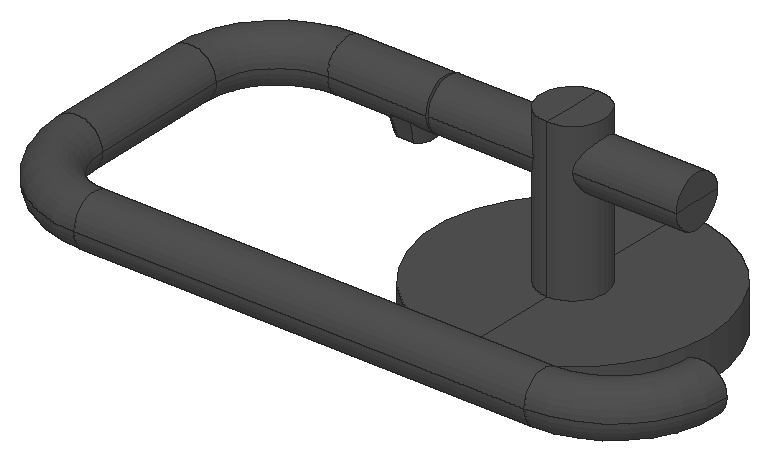
Revit family "Toilet Roll Holder-Single-Caroma Liano Nexus", category Specialty Equipment, host Face, Revit 2013
Parameters (values of type "Standard")
  URL = "http://www.caroma.com.au/"
  Type Comments = "Caroma Liano Nexus Toilet Roll Holder"  # constant formula
  Model = "96124B"  # constant formula
  Material_ANZRS = Metal-Steel-Powdercoated-Matte Black
  Manufacturer = "GWA Bathrooms & Kitchens"  # constant formula
  Length_ANZRS = 147 mm  # constant formula
  Description = ""
  Default Elevation = 500 mm
  CreatedBy_ANZRS = "Design Content"  # constant formula
  CreatedByURL_ANZRS = "www.designcontent.com.au"
  Cost = 0
  Assembly Code = "C1030200"
Reference planes
  plane 1 "Center (Elevation)": y = 0
  plane 2 "Back": z = 0
  plane 3 "Center (Left/Right)": x = 0
  plane 4 "Left": x = -73.485
  plane 5 "Right": x = 73.515
  plane 6 "Bottom": y = -74.5
  plane 7 "Top": y = 29.966
  plane 8 "Front": z = 43
Forms (mm)
  Revolve 1, solid, material "Metal-Steel-Powdercoated-Matte Black" <- "Material_ANZRS"
    sketch origin (0, 0, 0) x (0, 1, 0) y (0, 0, 1)
      loop
        line (0, 0) -> (29.966, 0) -> (29.966, 9) -> (6.966, 9) -> (6.966, 43) -> (0, 43) -> (0, 0)
      axis (0, 43) -> (0, 0)
    angle from 0 to 360
  Sweep 2, solid, material "Metal-Steel-Powdercoated-Matte Black" <- "Material_ANZRS"
    path origin (0, 0, 0) x (1, 0, 0) y (0, 1, 0)
      loop
        line (-27.5, 0) -> (-48.985, 0)
        arc (-48.985, 0) -> (-62.42, -5.565) -> (-67.985, -19) r 19
        line (-67.985, -19) -> (-67.985, -50)
        arc (-67.985, -50) -> (-62.42, -63.435) -> (-48.985, -69) r 19
        line (-48.985, -69) -> (48.994, -69)
        arc (48.994, -69) -> (62.429, -63.435) -> (67.993, -50) r 19
    profile origin (-38.242, 0, 0) x (0, -1, 0) y (0, 0, 1)
      loop
        circle (0, 33.997) r 5.5
  Revolve 3, solid, material "Metal-Steel-Powdercoated-Matte Black" <- "Material_ANZRS"
    sketch origin (0, 0, 33.997) x (1, 0, 0) y (0, 1, 0)
      loop
        line (27, 0) -> (27, 5.5) -> (-27, 5.5) -> (-27, 4) -> (-42, 4) -> (-42, 0) -> (27, 0)
      axis (-42, 0) -> (27, 0)
    angle from 0 to 360
  Blend 4, solid, material "Metal-Steel-Powdercoated-Matte Black" <- "Material_ANZRS"
    base sketch origin (0, 0, 0) x (1, 0, 0) y (0, 1, 0)
      loop
        arc (-35.83, 3.099) -> (-37.619, 0) -> (-35.83, -3.099) r 3.579
        line (-35.83, -3.099) -> (-32.063, -3.099)
        arc (-32.063, -3.099) -> (-30.274, 0) -> (-32.063, 3.099) r 3.579
        line (-32.063, 3.099) -> (-35.83, 3.099)
    top sketch origin (0, 0, 0) x (1, 0, 0) y (0, 1, 0)
      loop
        arc (-36.194, 4.599) -> (-39.119, 0) -> (-36.194, -4.599) r 5.079
        line (-36.194, -4.599) -> (-31.698, -4.599)
        arc (-31.698, -4.599) -> (-28.774, 0) -> (-31.698, 4.599) r 5.079
        line (-31.698, 4.599) -> (-36.194, 4.599)
    from 26.003 to 31.5
Cuts and joins
  joined: Revolve 1, Sweep 2, Revolve 3, Blend 4
Dimensions and locks
  "Length_ANZRS": plane 4 "Left" to plane 5 "Right"
  aligned and locked: plane 2 "Back" to host face
  aligned and locked: level to host face
Automatic sketch dimensions
  host sketch curve to host sketch curve = 2438.4 mm  (x2)
  level to Sweep 2 sketch curve = 33.997 mm
  Sweep 2 sketch curve to profile plane = 0 mm
  Revolve 1 sketch curve to plane 8 "Front" = 0 mm
  Revolve 1 sketch curve to plane 7 "Top" = 0 mm
  level to Revolve 1 sketch curve = 9 mm
  Revolve 1 sketch curve to plane 1 "Center (Elevation)" = 0 mm  (x2)
  Revolve 1 sketch curve to level = 0 mm
  Revolve 1 sketch curve to plane 1 "Center (Elevation)" = 6.966 mm
  Revolve 1 sketch curve to Revolve 1 sketch curve = 24.096 mm
  Revolve 1 sketch curve to Revolve 1 sketch curve = 7.879 mm
  plane 1 "Center (Elevation)" to Sweep 2 sketch curve = 0 mm
  plane 4 "Left" to Sweep 2 sketch curve = 5.5 mm
  Sweep 2 sketch curve to plane 6 "Bottom" = 5.5 mm
  plane 4 "Left" to Sweep 2 sketch curve = 24.5 mm  (x2)
  Sweep 2 sketch curve to plane 5 "Right" = 24.521 mm
  Sweep 2 sketch curve to Sweep 2 sketch curve = 21.485 mm
  Sweep 2 sketch curve to plane 5 "Right" = 5.522 mm
  Sweep 2 sketch curve to Sweep 2 sketch curve = 0.001 mm
  plane 1 "Center (Elevation)" to Revolve 3 sketch curve = 0 mm  (x2)
  plane 4 "Left" to Revolve 3 sketch curve = 31.485 mm
  Revolve 3 sketch curve to plane 1 "Center (Elevation)" = 4 mm
  Revolve 3 sketch curve to Revolve 3 sketch curve = 15 mm
  Revolve 3 sketch curve to plane 1 "Center (Elevation)" = 5.5 mm
  plane 3 "Center (Left/Right)" to Revolve 3 sketch curve = 27 mm
  Revolve 3 sketch curve to Revolve 3 sketch curve = 3.885 mm
  Revolve 3 sketch curve to Revolve 3 sketch curve = 5.743 mm
  plane 1 "Center (Elevation)" to Blend 4 sketch curve = 3.099 mm
  Blend 4 sketch curve to plane 3 "Center (Left/Right)" = 35.83 mm
  Blend 4 sketch curve to plane 1 "Center (Elevation)" = 3.099 mm
  plane 1 "Center (Elevation)" to Blend 4 sketch curve = 0 mm  (x4)
  Blend 4 sketch curve to Blend 4 sketch curve = 3.767 mm
  Blend 4 sketch curve to Blend 4 sketch curve = 1.79 mm
  Blend 4 sketch curve to Blend 4 sketch curve = 0.187 mm  (x2)
  plane 1 "Center (Elevation)" to Blend 4 sketch curve = 4.599 mm
  Blend 4 sketch curve to plane 3 "Center (Left/Right)" = 36.194 mm
  Blend 4 sketch curve to plane 1 "Center (Elevation)" = 4.599 mm
  Blend 4 sketch curve to Blend 4 sketch curve = 4.497 mm
  Blend 4 sketch curve to Blend 4 sketch curve = 2.155 mm
  radius of Sweep 2 sketch curve = 5.5 mm
